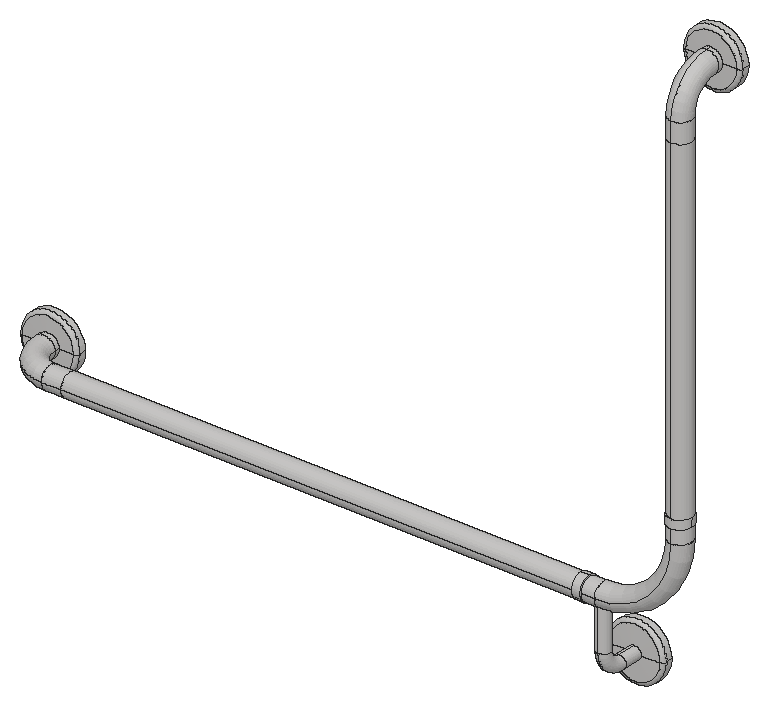
Revit family "RBA4901-901", category Plumbing Fixtures, Revit 2021
Family settings
  Round Connector Dimension = Use Diameter
  Part Type = Normal
  Work Plane-Based = No
  Always vertical = Yes
  Cut with Voids When Loaded = No
  Shared = No
  Room Calculation Point = No
Parameters
  Watermarked By = "www.rba.com.au"
  URL = "www.rba.com.au"
  R_Void [instance] = 15.00 mm
  R [instance] = 0.00 mm
  Phone Number = ""
  Modified Issue = ""
  Model = "RBA4901-901"
  Materials and Finishes = Stainless Steel Satin Finish
  Manufacturer Model = "B819436"
  Manufacturer = "RBA Group"
  Description = "Steri+Shield™ Accessible 90° Grab Rail, LH, Satin"
  Default Elevation = 0.00 mm
  Copyrighted by = "RBA Group"  # constant formula
  Assembly Code = ""
Reference planes
  plane 1 "Center (Front/Back)": y = 0
  plane 2: z = 0
  plane 3: x = 40.5
  plane 4: z = -30
  plane 5: z = 30
  plane 6: x = 70.5
  plane 7: x = 10.5
  plane 8: x = 990.5
  plane 9: x = 515.5
  plane 10: z = 670
  plane 11: z = 730
  plane 12: x = 960.5
  plane 13: x = 1020.5
  plane 14: z = 700
  plane 15: z = -130
  plane 16: z = -70
  plane 17: x = 910.5
  plane 18: x = 850.5
  plane 19: x = 835.5
  plane 20: z = -100
  plane 21: x = 974.5
  plane 22: z = 16
  plane 23: y = -70
  plane 24: y = -86
  plane 25: y = -54
  plane 26: y = -79.5
  plane 27: y = -60.5
Forms (mm)
  Extrusion 1, solid, material "Stainless Steel Satin Finish"
    sketch origin (40.5, -2.628, 315.907) x (0, 0, -1) y (-1, 0, 0)
      loop
        circle (315.907, 0) r 40
    from -0.219 to 2.628
  Revolve 2, solid, material "Stainless Steel Satin Finish"
    sketch origin (40.5, 18.663, 0) x (0, -1, 0) y (1, 0, 0)
      loop
        line (18.663, 0) -> (18.663, -41.5) -> (27.844, -41.5)
        arc (27.844, -41.5) -> (31.337, -40.077) -> (32.842, -36.617) r 5
        line (32.842, -36.617) -> (33.701, 0) -> (18.663, 0)
      axis (18.663, 0) -> (33.701, 0)
    angle from 0 to 360
  Extrusion 3, void
    sketch origin (40.5, 34.941, 315.907) x (0, 0, -1) y (-1, 0, 0)
      loop
        circle (315.907, -30) r 5
      loop
        circle (315.907, 30) r 5
    from -37.788 to -30
  Sweep 4, solid, material "Stainless Steel Satin Finish"
    path origin (40.5, 12.454, 0) x (0, -1, 0) y (-1, 0, 0)
      loop
        line (12.454, 0) -> (34.454, 0)
        arc (34.454, 0) -> (68.395, -14.059) -> (82.454, -48) r 48
        line (82.454, -48) -> (82.454, -76)
    profile origin (40.5, -11, 0) x (1, 0, 0) y (0, 0, 1)
      loop
        circle (0, 0) r 16
  Extrusion 5, solid, material "Stainless Steel Satin Finish"
    sketch origin (990.5, -2.628, 1015.907) x (0, 0, -1) y (-1, 0, 0)
      loop
        circle (315.907, 0) r 40
    from -0.219 to 2.628
  Extrusion 6, void
    sketch origin (990.5, 34.941, 1015.907) x (0, 0, -1) y (-1, 0, 0)
      loop
        circle (315.907, 30) r 5
      loop
        circle (315.907, -30) r 5
    from -37.788 to -30
  Sweep 7, solid, material "Stainless Steel Satin Finish"
    path origin (1690.5, 12.454, 700) x (0, -1, 0) y (0, 0, 1)
      loop
        line (12.454, 0) -> (34.454, 0)
        arc (34.454, 0) -> (68.395, -14.059) -> (82.454, -48) r 48
        line (82.454, -48) -> (82.454, -76)
    profile origin (1690.5, -11, 700) x (0, 0, 1) y (-1, 0, 0)
      loop
        circle (0, 700) r 16
  Revolve 8, solid, material "Stainless Steel Satin Finish"
    sketch origin (990.5, 18.663, 700) x (0, -1, 0) y (1, 0, 0)
      loop
        line (18.663, 0) -> (33.701, 0) -> (32.842, 36.617)
        arc (32.842, 36.617) -> (31.337, 40.077) -> (27.844, 41.5) r 5
        line (27.844, 41.5) -> (18.663, 41.5) -> (18.663, 0)
      axis (18.663, 0) -> (33.701, 0)
    angle from 0 to 360
  Sweep 9, solid, material "Stainless Steel Satin Finish"
    path origin (0, 0, 0) x (1, 0, 0) y (0, 0, 1)
      loop
        line (116.5, 0) -> (880.5, 0)
        arc (880.5, 0) -> (958.282, 32.218) -> (990.5, 110) r 110
        line (990.5, 110) -> (990.5, 624)
    profile origin (498.5, 0, 0) x (0, 0, 1) y (0, -1, 0)
      loop
        circle (0, 70) r 16
  Extrusion 10, solid, material "Stainless Steel Satin Finish"
    sketch origin (880.5, -2.628, 215.907) x (0, 0, -1) y (-1, 0, 0)
      loop
        circle (315.907, 0) r 40
    from -0.219 to 2.628
  Revolve 11, solid, material "Stainless Steel Satin Finish"
    sketch origin (880.5, 18.663, -100) x (0, -1, 0) y (1, 0, 0)
      loop
        line (18.663, 0) -> (18.663, -41.5) -> (27.844, -41.5)
        arc (27.844, -41.5) -> (31.337, -40.077) -> (32.842, -36.617) r 5
        line (32.842, -36.617) -> (33.701, 0) -> (18.663, 0)
      axis (18.663, 0) -> (33.701, 0)
    angle from 0 to 360
  Sweep 12, solid, material "Stainless Steel Satin Finish"
    path origin (880.5, 12.454, -100) x (0, -1, 0) y (0, 0, -1)
      loop
        line (12.454, 0) -> (54.454, 0)
        arc (54.454, 0) -> (74.253, -8.201) -> (82.454, -28) r 28
        line (82.454, -28) -> (82.454, -100)
    profile origin (880.5, -21, -100) x (0, 0, -1) y (1, 0, 0)
      loop
        circle (0, 0) r 9.5
  Extrusion 13, void
    sketch origin (880.5, 34.941, 215.907) x (0, 0, -1) y (-1, 0, 0)
      loop
        circle (315.907, -30) r 5
      loop
        circle (315.907, 30) r 5
    from -37.788 to -30
  Extrusion 14, solid, material "Stainless Steel Satin Finish"
    sketch origin (0, 0, 0) x (1, 0, 0) y (0, 1, 0)
      loop
        circle (990.5, -70) r 17
    from 142 to 130
  Extrusion 15, solid, material "Stainless Steel Satin Finish"
    sketch origin (650.5, 0, 990.5) x (0, 0, -1) y (0, 1, 0)
      loop
        circle (990.5, -70) r 17
    from 210 to 198
Cuts and joins
  Extrusion 3, Extrusion 6, Extrusion 13 cuts Extrusion 1
  Extrusion 3, Extrusion 6, Extrusion 13 cuts Revolve 2
  Extrusion 13 cuts Sweep 4
  Extrusion 6 cuts Revolve 8
  Extrusion 13 cuts Revolve 11
  joined: Revolve 2, Sweep 4, Sweep 7, Revolve 8, Sweep 9, Revolve 11, Sweep 12
  Extrusion 6 cuts Extrusion 5
  Extrusion 13 cuts Extrusion 10
Dimensions and locks
  Revolve 2 sketch curve to Revolve 2 sketch curve = 41.50 mm
  plane 5 to level to plane 4 = 30.00 mm, 30.00 mm
  plane 7 to plane 6 = 60.00 mm
  plane 11 to plane 10 = 60.00 mm
  plane 12 to plane 13 = 60.00 mm
  Revolve 8 sketch curve to Revolve 8 sketch curve = 41.50 mm
  Revolve 11 sketch curve to Revolve 11 sketch curve = 41.50 mm
  plane 16 to plane 15 = 60.00 mm
  plane 18 to plane 17 = 60.00 mm
  level to plane 20 = 100.00 mm
  plane 14 to level = 700.00 mm
  plane 8 to plane 19 = 155.00 mm
  plane 8 to plane 3 = 950.00 mm
  radius of Extrusion 1 sketch curve = 40.00 mm
  radius of Sweep 4 sketch curve = 16.00 mm
  radius of Extrusion 5 sketch curve = 40.00 mm
  radius of Sweep 7 sketch curve = 16.00 mm
  radius of Extrusion 10 sketch curve = 40.00 mm
  radius of Sweep 12 sketch curve = 9.50 mm
  aligned and locked: Revolve 2 to Extrusion 1
  aligned and locked: Revolve 11 to Extrusion 10
